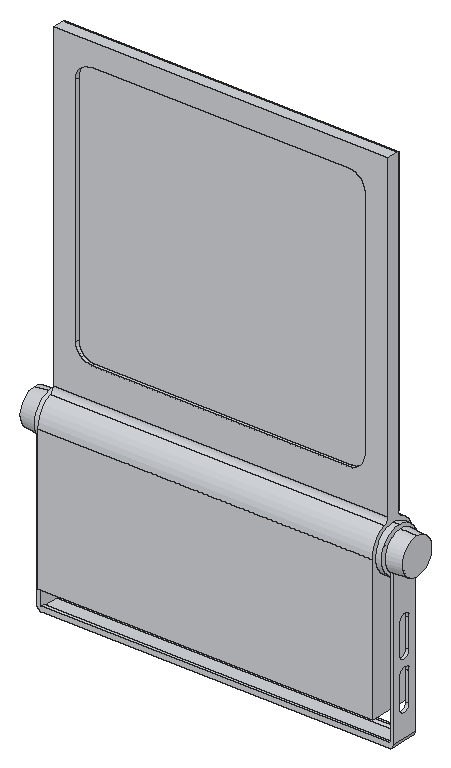
Revit family "63_PHILIPS_ClearFlood Large_BVP651", category Lighting Fixtures, host Face, Revit 2014
Parameters (values of type "1xECO_730 A28-MB LO")
  rotation ZX [instance] = 0.00°
  constraint01 [instance] = if(rotation ZX > 160.00°, 160.00°, if(rotation ZX < -170.00°, -170.00°, rotation ZX))  # 0.00°
  Wattage Comments = ""
  Voltage (V) = "230"
  URL = "http://www.lighting.philips.com/main/prof/outdoor-luminaires/sports-and-area-floodlighting/area-and-recreational-floodlighting/clearflood/912300023201_EU/product"
  Type Comments = "Surface mounted"
  Model = "BVP651 31K 1xECO_730 A28-MB LO"
  Manufacturer = "Philips"
  Light loss factor = "1"
  Lamp type = BVP651 IES Data : 31K 1xECO_730 A28-MB LO
  Lamp = "ECO_730"
  Initial luminous flux (lm) = "31000"
  Init. Corr. Color Temperature (K) = "3000"
  Description = "ClearFlood Large"
  Default Elevation = 0 mm
  Assembly Code = ""
  Apparent Load = 252 VA
Reference planes
  plane 1 "Center (Front/Back)": y = 0
  plane 2: z = 0
  plane 3 "Center (Left/Right)": x = 0
  plane 4: z = 269
Forms (mm)
  Extrusion 1, solid
    sketch origin (0, 0, 0) x (1, 0, 0) y (0, 0, 1)
      loop
        line (-278.5, 269) -> (-278.5, 7.5)
        arc (-278.5, 7.5) -> (-276.303, 2.197) -> (-271, 0) r 7.5
        line (-271, 0) -> (271, 0)
        arc (271, 0) -> (276.303, 2.197) -> (278.5, 7.5) r 7.5
        line (278.5, 7.5) -> (278.5, 269) -> (273.5, 269) -> (273.5, 8) -> (-273.5, 8) -> (-273.5, 269) -> (-278.5, 269)
    from -20 to 20
  Blend 2, solid
    base sketch origin (-278.5, 0, 0) x (0, 0, 1) y (0, -1, 0)
      loop
        circle (269, 0) r 30
    top sketch origin (-278.5, 0, 0) x (0, 0, 1) y (0, -1, 0)
      loop
        circle (269, 0) r 28
    from 5 to -20
  Blend 3, solid
    base sketch origin (278.5, 0, 0) x (0, 0, 1) y (0, -1, 0)
      loop
        circle (269, 0) r 30
    top sketch origin (278.5, 0, 0) x (0, 0, 1) y (0, -1, 0)
      loop
        circle (269, 0) r 28
    from -5 to 20
  Extrusion 4, void
    sketch origin (0, 0, 0) x (0, 1, 0) y (0, 0, 1)
      loop
        line (10, 127.819) -> (10, 172.819)
        arc (10, 172.819) -> (0, 182.819) -> (-10, 172.819) r 10
        line (-10, 172.819) -> (-10, 127.819)
        arc (-10, 127.819) -> (0, 117.819) -> (10, 127.819) r 10
      loop
        line (10, 52.819) -> (10, 97.819)
        arc (10, 97.819) -> (0, 107.819) -> (-10, 97.819) r 10
        line (-10, 97.819) -> (-10, 52.819)
        arc (-10, 52.819) -> (0, 42.819) -> (10, 52.819) r 10
    from -278.5 to 278.5
  Extrusion 5, void
    sketch origin (0, 0, 0) x (0, 1, 0) y (0, 0, 1)
      loop
        line (15, 27.627) -> (-15, 27.627) -> (-15, 8.5)
        arc (-15, 8.5) -> (-13.975, 6.025) -> (-11.5, 5) r 3.5
        line (-11.5, 5) -> (11.522, 5)
        arc (11.522, 5) -> (13.981, 6.019) -> (15, 8.478) r 3.478
        line (15, 8.478) -> (15, 27.627)
    from -273.5 to 273.5
Cuts and joins
  Extrusion 4, Extrusion 5 cuts Extrusion 1
  joined: Extrusion 1, Blend 3
Lines and regions (mm)
  reference lines
    curve 1: line (0, 0, 269) -> (0, 0, 869)
Dimensions and locks
  "constraint01": angle plane 1 "Center (Front/Back)" to curve 1
  aligned and locked: plane 2 to host face
  aligned and locked: level to host face
  aligned and locked: plane 4 to curve 1
  aligned and locked: plane 1 "Center (Front/Back)" to curve 1
Automatic sketch dimensions
  host sketch curve to host sketch curve = 727.065 mm
  host sketch curve to host sketch curve = 619.519 mm
  Extrusion 1 sketch curve to plane 4 = 0 mm  (x2)
  Extrusion 1 sketch curve to level = 0 mm
  Extrusion 1 sketch curve to plane 3 "Center (Left/Right)" = 278.5 mm
  Extrusion 1 sketch curve to Extrusion 1 sketch curve = 5 mm  (x2)
  Extrusion 1 sketch curve to Extrusion 1 sketch curve = 2.5 mm  (x2)
  plane 3 "Center (Left/Right)" to Extrusion 1 sketch curve = 271 mm
  Extrusion 1 sketch curve to Extrusion 1 sketch curve = 0.5 mm
  Blend 2 sketch curve to plane 1 "Center (Front/Back)" = 0 mm  (x2)
  Blend 2 sketch curve to plane 4 = 0 mm  (x2)
  Blend 3 sketch curve to plane 1 "Center (Front/Back)" = 0 mm  (x2)
  Blend 3 sketch curve to plane 4 = 0 mm  (x2)
  Extrusion 4 sketch curve to plane 1 "Center (Front/Back)" = 0 mm  (x2)
  plane 1 "Center (Front/Back)" to Extrusion 4 sketch curve = 10 mm  (x2)
  level to Extrusion 4 sketch curve = 52.819 mm
  Extrusion 4 sketch curve to Extrusion 4 sketch curve = 45 mm  (x2)
  Extrusion 4 sketch curve to Extrusion 4 sketch curve = 30 mm
  plane 1 "Center (Front/Back)" to Extrusion 5 sketch curve = 15 mm
  Extrusion 5 sketch curve to Extrusion 5 sketch curve = 3.5 mm
  Extrusion 5 sketch curve to plane 1 "Center (Front/Back)" = 11.522 mm
  Extrusion 5 sketch curve to plane 1 "Center (Front/Back)" = 15 mm
  level to Extrusion 5 sketch curve = 5 mm
  Extrusion 5 sketch curve to Extrusion 5 sketch curve = 19.149 mm
  radius of Blend 2 sketch curve = 30 mm
  radius of Blend 2 sketch curve = 28 mm
  radius of Blend 3 sketch curve = 30 mm
  radius of Blend 3 sketch curve = 28 mm
Nested families
  nested 1: "63_Philips_ClearFlood Large_body" at (0, 0, 430.5) x (1, 0, 0) z (0, -1, 0), type "63_Philips_ClearFlood Large_body"
  nested 2: "BVP651 IES Data" at (0.316, -10, 571.422) x (0, 0, 1) z (0, 1, 0), type <- "Lamp type", type "31K 1xECO_730 A28-MB LO"
Connectors
  electrical at (0, 0, 0), driven by "Apparent Load"
    settings: index 1, voltage 230 V, apparent load 0 VA, apparent load phase1 252 VA, apparent load phase2 0 VA, apparent load phase3 0 VA, power factor 1, load classification "Lighting", number of poles 1, system type 31, power factor state 1, is connector primary yes, connector utility no, sub classification motor no, connector description ""
Definition of nested family "63_Philips_ClearFlood Large_body"
  Parameters (values of type "63_Philips_body")
    width = 522 mm
    length = 773 mm
    Default Elevation = 1219.2 mm
  Reference planes
    plane 1 "Center (Front/Back)": y = 0
    plane 2: z = 0
    plane 3 "Center (Left/Right)": x = 0
    plane 4: y = 386.5
    plane 5: y = -386.5
    plane 6 "left": x = -261
    plane 7 "right": x = 261
  Forms (mm)
    Extrusion 1, solid
      sketch origin (0, 0, 0) x (1, 0, 0) y (0, 1, 0)
        loop
          line (-1219.2, 1219.2) -> (-1219.2, -1219.2) -> (1219.2, -1219.2) -> (1219.2, 1219.2) -> (-1219.2, 1219.2)
      from 0 to -304.8
    Extrusion 2, solid
      sketch origin (0, 0, 0) x (0, 1, 0) y (0, 0, 1)
        loop
          line (-386.5, -40) -> (-161.5, -40)
          arc (-161.5, -40) -> (-139.591, -33.466) -> (-124.839, -16) r 40
          arc (-124.839, -16) -> (-121.151, -11.633) -> (-115.674, -10) r 10
          line (-115.674, -10) -> (386.5, -10) -> (386.5, 10) -> (-115.674, 10)
          arc (-115.674, 10) -> (-121.151, 11.633) -> (-124.839, 16) r 10
          arc (-124.839, 16) -> (-139.591, 33.466) -> (-161.5, 40) r 40
          line (-161.5, 40) -> (-386.5, 40) -> (-386.5, -40)
      from -261 to 261
    Extrusion 3, solid
      sketch origin (0, 0, 0) x (0, 1, 0) y (0, 0, 1)
        loop
          line (386.5, -10) -> (-115.674, -10) -> (-115.674, -12) -> (-110.608, -12)
          arc (-110.608, -12) -> (-101.168, -31.909) -> (-80.674, -40) r 30
          line (-80.674, -40) -> (346.5, -40)
          arc (346.5, -40) -> (366.994, -31.909) -> (376.433, -12) r 30
          line (376.433, -12) -> (386.5, -12) -> (386.5, -10)
      from -261 to 261
    Extrusion 4, void
      sketch origin (0, 0, 0) x (1, 0, 0) y (0, 1, 0)
        loop
          line (1.5, 386.5) -> (1.5, -115.674) -> (24.5, -115.674) -> (24.5, 386.5) -> (1.5, 386.5)
        loop
          line (27.5, 386.5) -> (27.5, -115.674) -> (50.5, -115.674) -> (50.5, 386.5) -> (27.5, 386.5)
        loop
          line (53.5, 386.5) -> (53.5, -115.674) -> (76.5, -115.674) -> (76.5, 386.5) -> (53.5, 386.5)
        loop
          line (79.5, 386.5) -> (79.5, -115.674) -> (102.5, -115.674) -> (102.5, 386.5) -> (79.5, 386.5)
        loop
          line (105.5, 386.5) -> (105.5, -115.674) -> (128.5, -115.674) -> (128.5, 386.5) -> (105.5, 386.5)
        loop
          line (131.5, 386.5) -> (131.5, -115.674) -> (154.5, -115.674) -> (154.5, 386.5) -> (131.5, 386.5)
        loop
          line (157.5, 386.5) -> (157.5, -115.674) -> (180.5, -115.674) -> (180.5, 386.5) -> (157.5, 386.5)
        loop
          line (183.5, 386.5) -> (183.5, -115.674) -> (206.5, -115.674) -> (206.5, 386.5) -> (183.5, 386.5)
        loop
          line (209.5, 386.5) -> (209.5, -115.674) -> (232.5, -115.674) -> (232.5, 386.5) -> (209.5, 386.5)
        loop
          line (235.5, 386.5) -> (235.5, -115.674) -> (265.5, -115.674) -> (265.5, 386.5) -> (235.5, 386.5)
        loop
          line (-1.5, 386.5) -> (-24.5, 386.5) -> (-24.5, -115.674) -> (-1.5, -115.674) -> (-1.5, 386.5)
        loop
          line (-27.5, 386.5) -> (-50.5, 386.5) -> (-50.5, -115.674) -> (-27.5, -115.674) -> (-27.5, 386.5)
        loop
          line (-53.5, 386.5) -> (-76.5, 386.5) -> (-76.5, -115.674) -> (-53.5, -115.674) -> (-53.5, 386.5)
        loop
          line (-79.5, 386.5) -> (-102.5, 386.5) -> (-102.5, -115.674) -> (-79.5, -115.674) -> (-79.5, 386.5)
        loop
          line (-105.5, 386.5) -> (-128.5, 386.5) -> (-128.5, -115.674) -> (-105.5, -115.674) -> (-105.5, 386.5)
        loop
          line (-131.5, 386.5) -> (-154.5, 386.5) -> (-154.5, -115.674) -> (-131.5, -115.674) -> (-131.5, 386.5)
        loop
          line (-157.5, 386.5) -> (-180.5, 386.5) -> (-180.5, -115.674) -> (-157.5, -115.674) -> (-157.5, 386.5)
        loop
          line (-183.5, 386.5) -> (-206.5, 386.5) -> (-206.5, -115.674) -> (-183.5, -115.674) -> (-183.5, 386.5)
        loop
          line (-209.5, 386.5) -> (-232.5, 386.5) -> (-232.5, -115.674) -> (-209.5, -115.674) -> (-209.5, 386.5)
        loop
          line (-235.5, 386.5) -> (-265.5, 386.5) -> (-265.5, -115.674) -> (-235.5, -115.674) -> (-235.5, 386.5)
      from -12 to -60
    Extrusion 5, solid
      sketch origin (0, 0, 0) x (0, 1, 0) y (0, 0, 1)
        loop
          circle (-161.5, 0) r 35
      from -271 to 271
    Extrusion 6, void
      sketch origin (0, 0, 0) x (1, 0, 0) y (0, 1, 0)
        loop
          arc (-226, -40.674) -> (-218.678, -58.352) -> (-201, -65.674) r 25
          line (-201, -65.674) -> (201, -65.674)
          arc (201, -65.674) -> (218.678, -58.352) -> (226, -40.674) r 25
          line (226, -40.674) -> (226, 326.5)
          arc (226, 326.5) -> (218.678, 344.178) -> (201, 351.5) r 25
          line (201, 351.5) -> (-201, 351.5)
          arc (-201, 351.5) -> (-218.678, 344.178) -> (-226, 326.5) r 25
          line (-226, 326.5) -> (-226, -40.674)
      from 5 to 40
  Cuts and joins
    Extrusion 4 cuts Extrusion 3
    Extrusion 6 cuts Extrusion 2
    joined: Extrusion 2, Extrusion 5
  Dimensions and locks
    equal spacing: plane 6 "left", plane 3 "Center (Left/Right)", plane 7 "right"
    "width": plane 6 "left" to plane 7 "right"
    equal spacing: plane 4, plane 1 "Center (Front/Back)", plane 5
    "length": plane 5 to plane 4
    aligned and locked: plane 2 to Extrusion 1
    aligned and locked: level to Extrusion 1
    aligned and locked: plane 5 to Extrusion 2 sketch curve
    aligned and locked: plane 4 to Extrusion 2 sketch curve
    aligned and locked: Extrusion 2 to plane 7 "right"
    aligned and locked: Extrusion 2 to plane 6 "left"
    aligned and locked: Extrusion 3 to plane 6 "left"
    aligned and locked: Extrusion 3 to plane 7 "right"
  Automatic sketch dimensions
    Extrusion 1 sketch curve to Extrusion 1 sketch curve = 2438.4 mm  (x2)
    Extrusion 2 sketch curve to Extrusion 2 sketch curve = 0 mm  (x3)
    Extrusion 2 sketch curve to level = 0 mm
    plane 1 "Center (Front/Back)" to Extrusion 2 sketch curve = 161.5 mm
    Extrusion 2 sketch curve to level = 10 mm
    Extrusion 2 sketch curve to Extrusion 2 sketch curve = 45.826 mm
    level to Extrusion 2 sketch curve = 10 mm
    Extrusion 2 sketch curve to Extrusion 2 sketch curve = 10 mm  (x2)
    Extrusion 2 sketch curve to level = 40 mm
    level to Extrusion 2 sketch curve = 40 mm
    Extrusion 3 sketch curve to plane 4 = 0 mm
    Extrusion 3 sketch curve to plane 4 = 10.067 mm
    Extrusion 3 sketch curve to level = 10 mm  (x3)
    plane 1 "Center (Front/Back)" to Extrusion 3 sketch curve = 80.674 mm
    Extrusion 3 sketch curve to Extrusion 3 sketch curve = 35 mm
    Extrusion 3 sketch curve to Extrusion 3 sketch curve = 2 mm  (x2)
    Extrusion 3 sketch curve to Extrusion 3 sketch curve = 5.067 mm
    Extrusion 4 sketch curve to plane 4 = 0 mm  (x20)
    Extrusion 4 sketch curve to plane 6 "left" = 4.5 mm
    Extrusion 4 sketch curve to Extrusion 4 sketch curve = 30 mm
    Extrusion 4 sketch curve to Extrusion 4 sketch curve = 3 mm  (x18)
    Extrusion 4 sketch curve to Extrusion 4 sketch curve = 23 mm  (x17)
    Extrusion 4 sketch curve to plane 3 "Center (Left/Right)" = 1.5 mm
    plane 3 "Center (Left/Right)" to Extrusion 4 sketch curve = 1.5 mm
    Extrusion 4 sketch curve to plane 7 "right" = 4.5 mm
    plane 1 "Center (Front/Back)" to Extrusion 4 sketch curve = 115.674 mm  (x3)
    Extrusion 4 sketch curve to Extrusion 4 sketch curve = 0 mm  (x17)
    Extrusion 5 sketch curve to level = 0 mm
    plane 1 "Center (Front/Back)" to Extrusion 5 sketch curve = 161.5 mm
    plane 6 "left" to Extrusion 6 sketch curve = 35 mm
    Extrusion 6 sketch curve to Extrusion 6 sketch curve = 25 mm  (x3)
    plane 7 "right" to Extrusion 6 sketch curve = 60 mm  (x2)
    plane 1 "Center (Front/Back)" to Extrusion 6 sketch curve = 65.674 mm
    Extrusion 6 sketch curve to plane 4 = 60 mm
    radius of Extrusion 5 sketch curve = 35 mm
Definition of nested family "BVP651 IES Data"
  Parameters (values of type "65K 1xECO_757 OFA52")
    Wattage = 549 W
    built-in parameter 1150110 = 1 (stored number, unit not read)
    built-in parameter 1114217 = 1 (stored number, unit not read)
    Tilt Angle = 90.00°
    built-in parameter 1150109 = 1 (stored number, unit not read)
    built-in parameter 1150134 = (empty or 0)
    built-in parameter 1150113 = 1 (stored number, unit not read)
    Photometric Web File = "BVP651 65K 1xECO_757 OFA52.ies"
    Model = "BVP651"
    Manufacturer = "Philips"
    built-in parameter 1150105 = 5172.5 (stored number, unit not read)
    Lumens = 65000 lm
    built-in parameter 1150115 = 1 (stored number, unit not read)
    built-in parameter 1150137 = (empty or 0)
    built-in parameter 1150139 = (empty or 0)
    built-in parameter 1150112 = 1 (stored number, unit not read)
    built-in parameter 1150114 = 1 (stored number, unit not read)
    Lamp = "ECO/757/-"
    built-in parameter 1150132 = (empty or 0)
    built-in parameter 1150102 = (empty or 0)
    built-in parameter 1150107 = 5700 (stored number, unit not read)
    built-in parameter 1150138 = (empty or 0)
    built-in parameter 1150106 = 51.725 (stored number, unit not read)
    Emit from Rectangle Width = 470 mm
    Emit from Rectangle Length = 470 mm
    Emit Shape Visible in Rendering = no
    built-in parameter 1150104 = 10.999 (stored number, unit not read)
    Dimming Lamp Color Temperature Shift = (empty or 0)
    Description = ""
    Default Elevation = 0 mm
    Color Filter = 16777215
    built-in parameter 1114218 = 1 (stored number, unit not read)
    built-in parameter 1150133 = 10 (stored number, unit not read)
    Apparent Load = 549 VA
  Types (357, lengths in mm): name | Wattage | built-in parameter 1150134 | Photometric Web File | built-in parameter 1150105 | Lumens | Lamp | built-in parameter 1150107 | built-in parameter 1150106 | built-in parameter 1150104 | Apparent Load
    65K 1xECO_757 OFA52 | 549 W | (empty or 0) | "BVP651 65K 1xECO_757 OFA52.ies" | 5172.5 (stored number, unit not read) | 65000 lm | "ECO/757/-" | 5700 (stored number, unit not read) | 51.725 (stored number, unit not read) | 10.999 (stored number, unit not read) | 549 VA
    65K 1xECO_757 OFA52 LO | 549 W | (empty or 0) | "BVP651 65K 1xECO_757 OFA52 LO.ies" | 5172.5 (stored number, unit not read) | 65000 lm | "ECO/757/-" | 5700 (stored number, unit not read) | 51.725 (stored number, unit not read) | 10.999 (stored number, unit not read) | 549 VA
    65K 1xECO_757 O-S | 549 W | (empty or 0) | "BVP651 65K 1xECO_757 O-S.ies" | 5172.5 (stored number, unit not read) | 65000 lm | "ECO/757/-" | 5700 (stored number, unit not read) | 51.725 (stored number, unit not read) | 10.999 (stored number, unit not read) | 549 VA
    65K 1xECO_757 NB | 549 W | (empty or 0) | "BVP651 65K 1xECO_757 NB.ies" | 5172.5 (stored number, unit not read) | 65000 lm | "ECO/757/-" | 5700 (stored number, unit not read) | 51.725 (stored number, unit not read) | 10.999 (stored number, unit not read) | 549 VA
    65K 1xECO_757 DW | 549 W | (empty or 0) | "BVP651 65K 1xECO_757 DW.ies" | 5172.5 (stored number, unit not read) | 65000 lm | "ECO/757/-" | 5700 (stored number, unit not read) | 51.725 (stored number, unit not read) | 10.999 (stored number, unit not read) | 549 VA
    65K 1xECO_757 DW LO | 549 W | (empty or 0) | "BVP651 65K 1xECO_757 DW LO.ies" | 5172.5 (stored number, unit not read) | 65000 lm | "ECO/757/-" | 5700 (stored number, unit not read) | 51.725 (stored number, unit not read) | 10.999 (stored number, unit not read) | 549 VA
    65K 1xECO_757 DSN | 549 W | (empty or 0) | "BVP651 65K 1xECO_757 DSN.ies" | 5172.5 (stored number, unit not read) | 65000 lm | "ECO/757/-" | 5700 (stored number, unit not read) | 51.725 (stored number, unit not read) | 10.999 (stored number, unit not read) | 549 VA
    65K 1xECO_757 DM | 549 W | (empty or 0) | "BVP651 65K 1xECO_757 DM.ies" | 5172.5 (stored number, unit not read) | 65000 lm | "ECO/757/-" | 5700 (stored number, unit not read) | 51.725 (stored number, unit not read) | 10.999 (stored number, unit not read) | 549 VA
    65K 1xECO_757 DM LO | 549 W | (empty or 0) | "BVP651 65K 1xECO_757 DM LO.ies" | 5172.5 (stored number, unit not read) | 65000 lm | "ECO/757/-" | 5700 (stored number, unit not read) | 51.725 (stored number, unit not read) | 10.999 (stored number, unit not read) | 549 VA
    65K 1xECO_757 DK | 549 W | (empty or 0) | "BVP651 65K 1xECO_757 DK.ies" | 5172.5 (stored number, unit not read) | 65000 lm | "ECO/757/-" | 5700 (stored number, unit not read) | 51.725 (stored number, unit not read) | 10.999 (stored number, unit not read) | 549 VA
    65K 1xECO_757 DK LO | 549 W | (empty or 0) | "BVP651 65K 1xECO_757 DK LO.ies" | 5172.5 (stored number, unit not read) | 65000 lm | "ECO/757/-" | 5700 (stored number, unit not read) | 51.725 (stored number, unit not read) | 10.999 (stored number, unit not read) | 549 VA
    65K 1xECO_757 DC | 549 W | (empty or 0) | "BVP651 65K 1xECO_757 DC.ies" | 5172.5 (stored number, unit not read) | 65000 lm | "ECO/757/-" | 5700 (stored number, unit not read) | 51.725 (stored number, unit not read) | 10.999 (stored number, unit not read) | 549 VA
    65K 1xECO_757 DC LO | 549 W | (empty or 0) | "BVP651 65K 1xECO_757 DC LO.ies" | 5172.5 (stored number, unit not read) | 65000 lm | "ECO/757/-" | 5700 (stored number, unit not read) | 51.725 (stored number, unit not read) | 10.999 (stored number, unit not read) | 549 VA
    65K 1xECO_757 A60 | 549 W | (empty or 0) | "BVP651 65K 1xECO_757 A60.ies" | 5172.5 (stored number, unit not read) | 65000 lm | "ECO/757/-" | 5700 (stored number, unit not read) | 51.725 (stored number, unit not read) | 10.999 (stored number, unit not read) | 549 VA
    65K 1xECO_757 A60 LO | 549 W | (empty or 0) | "BVP651 65K 1xECO_757 A60 LO.ies" | 5172.5 (stored number, unit not read) | 65000 lm | "ECO/757/-" | 5700 (stored number, unit not read) | 51.725 (stored number, unit not read) | 10.999 (stored number, unit not read) | 549 VA
    65K 1xECO_757 A28-MB | 549 W | (empty or 0) | "BVP651 65K 1xECO_757 A28-MB.ies" | 5172.5 (stored number, unit not read) | 65000 lm | "ECO/757/-" | 5700 (stored number, unit not read) | 51.725 (stored number, unit not read) | 10.999 (stored number, unit not read) | 549 VA
    65K 1xECO_757 A28-MB LO | 549 W | (empty or 0) | "BVP651 65K 1xECO_757 A28-MB LO.ies" | 5172.5 (stored number, unit not read) | 65000 lm | "ECO/757/-" | 5700 (stored number, unit not read) | 51.725 (stored number, unit not read) | 10.999 (stored number, unit not read) | 549 VA
    65K 1xECO_740 OFA52 | 549 W | 12 | "BVP651 65K 1xECO_740 OFA52.ies" | 5172.5 (stored number, unit not read) | 65000 lm | "ECO/740/-" | 4000 (stored number, unit not read) | 51.725 (stored number, unit not read) | 10.999 (stored number, unit not read) | 549 VA
    65K 1xECO_740 OFA52 LO | 549 W | 12 | "BVP651 65K 1xECO_740 OFA52 LO.ies" | 5172.5 (stored number, unit not read) | 65000 lm | "ECO/740/-" | 4000 (stored number, unit not read) | 51.725 (stored number, unit not read) | 10.999 (stored number, unit not read) | 549 VA
    65K 1xECO_740 O-S | 549 W | 12 | "BVP651 65K 1xECO_740 O-S.ies" | 5172.5 (stored number, unit not read) | 65000 lm | "ECO/740/-" | 4000 (stored number, unit not read) | 51.725 (stored number, unit not read) | 10.999 (stored number, unit not read) | 549 VA
    65K 1xECO_740 NB | 549 W | 12 | "BVP651 65K 1xECO_740 NB.ies" | 5172.5 (stored number, unit not read) | 65000 lm | "ECO/740/-" | 4000 (stored number, unit not read) | 51.725 (stored number, unit not read) | 10.999 (stored number, unit not read) | 549 VA
    65K 1xECO_740 DW | 549 W | 12 | "BVP651 65K 1xECO_740 DW.ies" | 5172.5 (stored number, unit not read) | 65000 lm | "ECO/740/-" | 4000 (stored number, unit not read) | 51.725 (stored number, unit not read) | 10.999 (stored number, unit not read) | 549 VA
    65K 1xECO_740 DW LO | 549 W | 12 | "BVP651 65K 1xECO_740 DW LO.ies" | 5172.5 (stored number, unit not read) | 65000 lm | "ECO/740/-" | 4000 (stored number, unit not read) | 51.725 (stored number, unit not read) | 10.999 (stored number, unit not read) | 549 VA
    65K 1xECO_740 DSN | 549 W | 12 | "BVP651 65K 1xECO_740 DSN.ies" | 5172.5 (stored number, unit not read) | 65000 lm | "ECO/740/-" | 4000 (stored number, unit not read) | 51.725 (stored number, unit not read) | 10.999 (stored number, unit not read) | 549 VA
    65K 1xECO_740 DM | 549 W | 12 | "BVP651 65K 1xECO_740 DM.ies" | 5172.5 (stored number, unit not read) | 65000 lm | "ECO/740/-" | 4000 (stored number, unit not read) | 51.725 (stored number, unit not read) | 10.999 (stored number, unit not read) | 549 VA
    65K 1xECO_740 DM LO | 549 W | 12 | "BVP651 65K 1xECO_740 DM LO.ies" | 5172.5 (stored number, unit not read) | 65000 lm | "ECO/740/-" | 4000 (stored number, unit not read) | 51.725 (stored number, unit not read) | 10.999 (stored number, unit not read) | 549 VA
    65K 1xECO_740 DK | 549 W | 12 | "BVP651 65K 1xECO_740 DK.ies" | 5172.5 (stored number, unit not read) | 65000 lm | "ECO/740/-" | 4000 (stored number, unit not read) | 51.725 (stored number, unit not read) | 10.999 (stored number, unit not read) | 549 VA
    65K 1xECO_740 DK LO | 549 W | 12 | "BVP651 65K 1xECO_740 DK LO.ies" | 5172.5 (stored number, unit not read) | 65000 lm | "ECO/740/-" | 4000 (stored number, unit not read) | 51.725 (stored number, unit not read) | 10.999 (stored number, unit not read) | 549 VA
    65K 1xECO_740 DC | 549 W | 12 | "BVP651 65K 1xECO_740 DC.ies" | 5172.5 (stored number, unit not read) | 65000 lm | "ECO/740/-" | 4000 (stored number, unit not read) | 51.725 (stored number, unit not read) | 10.999 (stored number, unit not read) | 549 VA
    65K 1xECO_740 DC LO | 549 W | 12 | "BVP651 65K 1xECO_740 DC LO.ies" | 5172.5 (stored number, unit not read) | 65000 lm | "ECO/740/-" | 4000 (stored number, unit not read) | 51.725 (stored number, unit not read) | 10.999 (stored number, unit not read) | 549 VA
    65K 1xECO_740 A60 | 549 W | 12 | "BVP651 65K 1xECO_740 A60.ies" | 5172.5 (stored number, unit not read) | 65000 lm | "ECO/740/-" | 4000 (stored number, unit not read) | 51.725 (stored number, unit not read) | 10.999 (stored number, unit not read) | 549 VA
    65K 1xECO_740 A60 LO | 549 W | 12 | "BVP651 65K 1xECO_740 A60 LO.ies" | 5172.5 (stored number, unit not read) | 65000 lm | "ECO/740/-" | 4000 (stored number, unit not read) | 51.725 (stored number, unit not read) | 10.999 (stored number, unit not read) | 549 VA
    65K 1xECO_740 A28-MB | 549 W | 12 | "BVP651 65K 1xECO_740 A28-MB.ies" | 5172.5 (stored number, unit not read) | 65000 lm | "ECO/740/-" | 4000 (stored number, unit not read) | 51.725 (stored number, unit not read) | 10.999 (stored number, unit not read) | 549 VA
    65K 1xECO_740 A28-MB LO | 549 W | 12 | "BVP651 65K 1xECO_740 A28-MB LO.ies" | 5172.5 (stored number, unit not read) | 65000 lm | "ECO/740/-" | 4000 (stored number, unit not read) | 51.725 (stored number, unit not read) | 10.999 (stored number, unit not read) | 549 VA
    60K 1xECO_757 OFA52 | 488 W | (empty or 0) | "BVP651 60K 1xECO_757 OFA52.ies" | 4774.6 (stored number, unit not read) | 60000 lm | "ECO/757/-" | 5700 (stored number, unit not read) | 47.746 (stored number, unit not read) | 11.423 (stored number, unit not read) | 488 VA
    60K 1xECO_757 OFA52 LO | 488 W | (empty or 0) | "BVP651 60K 1xECO_757 OFA52 LO.ies" | 4774.6 (stored number, unit not read) | 60000 lm | "ECO/757/-" | 5700 (stored number, unit not read) | 47.746 (stored number, unit not read) | 11.423 (stored number, unit not read) | 488 VA
    60K 1xECO_757 O-S | 488 W | (empty or 0) | "BVP651 60K 1xECO_757 O-S.ies" | 4774.6 (stored number, unit not read) | 60000 lm | "ECO/757/-" | 5700 (stored number, unit not read) | 47.746 (stored number, unit not read) | 11.423 (stored number, unit not read) | 488 VA
    60K 1xECO_757 NB | 488 W | (empty or 0) | "BVP651 60K 1xECO_757 NB.ies" | 4774.6 (stored number, unit not read) | 60000 lm | "ECO/757/-" | 5700 (stored number, unit not read) | 47.746 (stored number, unit not read) | 11.423 (stored number, unit not read) | 488 VA
    60K 1xECO_757 DW | 488 W | (empty or 0) | "BVP651 60K 1xECO_757 DW.ies" | 4774.6 (stored number, unit not read) | 60000 lm | "ECO/757/-" | 5700 (stored number, unit not read) | 47.746 (stored number, unit not read) | 11.423 (stored number, unit not read) | 488 VA
    60K 1xECO_757 DW LO | 488 W | (empty or 0) | "BVP651 60K 1xECO_757 DW LO.ies" | 4774.6 (stored number, unit not read) | 60000 lm | "ECO/757/-" | 5700 (stored number, unit not read) | 47.746 (stored number, unit not read) | 11.423 (stored number, unit not read) | 488 VA
    60K 1xECO_757 DSN | 488 W | (empty or 0) | "BVP651 60K 1xECO_757 DSN.ies" | 4774.6 (stored number, unit not read) | 60000 lm | "ECO/757/-" | 5700 (stored number, unit not read) | 47.746 (stored number, unit not read) | 11.423 (stored number, unit not read) | 488 VA
    60K 1xECO_757 DM | 488 W | (empty or 0) | "BVP651 60K 1xECO_757 DM.ies" | 4774.6 (stored number, unit not read) | 60000 lm | "ECO/757/-" | 5700 (stored number, unit not read) | 47.746 (stored number, unit not read) | 11.423 (stored number, unit not read) | 488 VA
    60K 1xECO_757 DM LO | 488 W | (empty or 0) | "BVP651 60K 1xECO_757 DM LO.ies" | 4774.6 (stored number, unit not read) | 60000 lm | "ECO/757/-" | 5700 (stored number, unit not read) | 47.746 (stored number, unit not read) | 11.423 (stored number, unit not read) | 488 VA
    60K 1xECO_757 DK | 488 W | (empty or 0) | "BVP651 60K 1xECO_757 DK.ies" | 4774.6 (stored number, unit not read) | 60000 lm | "ECO/757/-" | 5700 (stored number, unit not read) | 47.746 (stored number, unit not read) | 11.423 (stored number, unit not read) | 488 VA
    60K 1xECO_757 DK LO | 488 W | (empty or 0) | "BVP651 60K 1xECO_757 DK LO.ies" | 4774.6 (stored number, unit not read) | 60000 lm | "ECO/757/-" | 5700 (stored number, unit not read) | 47.746 (stored number, unit not read) | 11.423 (stored number, unit not read) | 488 VA
    60K 1xECO_757 DC | 488 W | (empty or 0) | "BVP651 60K 1xECO_757 DC.ies" | 4774.6 (stored number, unit not read) | 60000 lm | "ECO/757/-" | 5700 (stored number, unit not read) | 47.746 (stored number, unit not read) | 11.423 (stored number, unit not read) | 488 VA
    60K 1xECO_757 DC LO | 488 W | (empty or 0) | "BVP651 60K 1xECO_757 DC LO.ies" | 4774.6 (stored number, unit not read) | 60000 lm | "ECO/757/-" | 5700 (stored number, unit not read) | 47.746 (stored number, unit not read) | 11.423 (stored number, unit not read) | 488 VA
    60K 1xECO_757 A60 | 488 W | (empty or 0) | "BVP651 60K 1xECO_757 A60.ies" | 4774.6 (stored number, unit not read) | 60000 lm | "ECO/757/-" | 5700 (stored number, unit not read) | 47.746 (stored number, unit not read) | 11.423 (stored number, unit not read) | 488 VA
    60K 1xECO_757 A60 LO | 488 W | (empty or 0) | "BVP651 60K 1xECO_757 A60 LO.ies" | 4774.6 (stored number, unit not read) | 60000 lm | "ECO/757/-" | 5700 (stored number, unit not read) | 47.746 (stored number, unit not read) | 11.423 (stored number, unit not read) | 488 VA
    60K 1xECO_757 A28-MB | 488 W | (empty or 0) | "BVP651 60K 1xECO_757 A28-MB.ies" | 4774.6 (stored number, unit not read) | 60000 lm | "ECO/757/-" | 5700 (stored number, unit not read) | 47.746 (stored number, unit not read) | 11.423 (stored number, unit not read) | 488 VA
    60K 1xECO_757 A28-MB LO | 488 W | (empty or 0) | "BVP651 60K 1xECO_757 A28-MB LO.ies" | 4774.6 (stored number, unit not read) | 60000 lm | "ECO/757/-" | 5700 (stored number, unit not read) | 47.746 (stored number, unit not read) | 11.423 (stored number, unit not read) | 488 VA
    60K 1xECO_740 OFA52 | 488 W | 12 | "BVP651 60K 1xECO_740 OFA52.ies" | 4774.6 (stored number, unit not read) | 60000 lm | "ECO/740/-" | 4000 (stored number, unit not read) | 47.746 (stored number, unit not read) | 11.423 (stored number, unit not read) | 488 VA
    60K 1xECO_740 OFA52 LO | 488 W | 12 | "BVP651 60K 1xECO_740 OFA52 LO.ies" | 4774.6 (stored number, unit not read) | 60000 lm | "ECO/740/-" | 4000 (stored number, unit not read) | 47.746 (stored number, unit not read) | 11.423 (stored number, unit not read) | 488 VA
    60K 1xECO_740 O-S | 488 W | 12 | "BVP651 60K 1xECO_740 O-S.ies" | 4774.6 (stored number, unit not read) | 60000 lm | "ECO/740/-" | 4000 (stored number, unit not read) | 47.746 (stored number, unit not read) | 11.423 (stored number, unit not read) | 488 VA
    60K 1xECO_740 NB | 488 W | 12 | "BVP651 60K 1xECO_740 NB.ies" | 4774.6 (stored number, unit not read) | 60000 lm | "ECO/740/-" | 4000 (stored number, unit not read) | 47.746 (stored number, unit not read) | 11.423 (stored number, unit not read) | 488 VA
    60K 1xECO_740 DW | 488 W | 12 | "BVP651 60K 1xECO_740 DW.ies" | 4774.6 (stored number, unit not read) | 60000 lm | "ECO/740/-" | 4000 (stored number, unit not read) | 47.746 (stored number, unit not read) | 11.423 (stored number, unit not read) | 488 VA
    60K 1xECO_740 DW LO | 488 W | 12 | "BVP651 60K 1xECO_740 DW LO.ies" | 4774.6 (stored number, unit not read) | 60000 lm | "ECO/740/-" | 4000 (stored number, unit not read) | 47.746 (stored number, unit not read) | 11.423 (stored number, unit not read) | 488 VA
    60K 1xECO_740 DSN | 488 W | 12 | "BVP651 60K 1xECO_740 DSN.ies" | 4774.6 (stored number, unit not read) | 60000 lm | "ECO/740/-" | 4000 (stored number, unit not read) | 47.746 (stored number, unit not read) | 11.423 (stored number, unit not read) | 488 VA
    60K 1xECO_740 DM | 488 W | 12 | "BVP651 60K 1xECO_740 DM.ies" | 4774.6 (stored number, unit not read) | 60000 lm | "ECO/740/-" | 4000 (stored number, unit not read) | 47.746 (stored number, unit not read) | 11.423 (stored number, unit not read) | 488 VA
    60K 1xECO_740 DM LO | 488 W | 12 | "BVP651 60K 1xECO_740 DM LO.ies" | 4774.6 (stored number, unit not read) | 60000 lm | "ECO/740/-" | 4000 (stored number, unit not read) | 47.746 (stored number, unit not read) | 11.423 (stored number, unit not read) | 488 VA
    60K 1xECO_740 DK | 488 W | 12 | "BVP651 60K 1xECO_740 DK.ies" | 4774.6 (stored number, unit not read) | 60000 lm | "ECO/740/-" | 4000 (stored number, unit not read) | 47.746 (stored number, unit not read) | 11.423 (stored number, unit not read) | 488 VA
    60K 1xECO_740 DK LO | 488 W | 12 | "BVP651 60K 1xECO_740 DK LO.ies" | 4774.6 (stored number, unit not read) | 60000 lm | "ECO/740/-" | 4000 (stored number, unit not read) | 47.746 (stored number, unit not read) | 11.423 (stored number, unit not read) | 488 VA
    60K 1xECO_740 DC | 488 W | 12 | "BVP651 60K 1xECO_740 DC.ies" | 4774.6 (stored number, unit not read) | 60000 lm | "ECO/740/-" | 4000 (stored number, unit not read) | 47.746 (stored number, unit not read) | 11.423 (stored number, unit not read) | 488 VA
    60K 1xECO_740 DC LO | 488 W | 12 | "BVP651 60K 1xECO_740 DC LO.ies" | 4774.6 (stored number, unit not read) | 60000 lm | "ECO/740/-" | 4000 (stored number, unit not read) | 47.746 (stored number, unit not read) | 11.423 (stored number, unit not read) | 488 VA
    60K 1xECO_740 A60 | 488 W | 12 | "BVP651 60K 1xECO_740 A60.ies" | 4774.6 (stored number, unit not read) | 60000 lm | "ECO/740/-" | 4000 (stored number, unit not read) | 47.746 (stored number, unit not read) | 11.423 (stored number, unit not read) | 488 VA
    60K 1xECO_740 A60 LO | 488 W | 12 | "BVP651 60K 1xECO_740 A60 LO.ies" | 4774.6 (stored number, unit not read) | 60000 lm | "ECO/740/-" | 4000 (stored number, unit not read) | 47.746 (stored number, unit not read) | 11.423 (stored number, unit not read) | 488 VA
    60K 1xECO_740 A28-MB | 488 W | 12 | "BVP651 60K 1xECO_740 A28-MB.ies" | 4774.6 (stored number, unit not read) | 60000 lm | "ECO/740/-" | 4000 (stored number, unit not read) | 47.746 (stored number, unit not read) | 11.423 (stored number, unit not read) | 488 VA
    60K 1xECO_740 A28-MB LO | 488 W | 12 | "BVP651 60K 1xECO_740 A28-MB LO.ies" | 4774.6 (stored number, unit not read) | 60000 lm | "ECO/740/-" | 4000 (stored number, unit not read) | 47.746 (stored number, unit not read) | 11.423 (stored number, unit not read) | 488 VA
    57K 1xECO_730 OFA52 | 549 W | (empty or 0) | "BVP651 57K 1xECO_730 OFA52.ies" | 4535.9 (stored number, unit not read) | 57000 lm | "ECO/730/-" | 3000 (stored number, unit not read) | 45.359 (stored number, unit not read) | 9.6457 (stored number, unit not read) | 549 VA
    57K 1xECO_730 OFA52 LO | 549 W | (empty or 0) | "BVP651 57K 1xECO_730 OFA52 LO.ies" | 4535.9 (stored number, unit not read) | 57000 lm | "ECO/730/-" | 3000 (stored number, unit not read) | 45.359 (stored number, unit not read) | 9.6457 (stored number, unit not read) | 549 VA
    57K 1xECO_730 O-S | 549 W | (empty or 0) | "BVP651 57K 1xECO_730 O-S.ies" | 4535.9 (stored number, unit not read) | 57000 lm | "ECO/730/-" | 3000 (stored number, unit not read) | 45.359 (stored number, unit not read) | 9.6457 (stored number, unit not read) | 549 VA
    57K 1xECO_730 NB | 549 W | (empty or 0) | "BVP651 57K 1xECO_730 NB.ies" | 4535.9 (stored number, unit not read) | 57000 lm | "ECO/730/-" | 3000 (stored number, unit not read) | 45.359 (stored number, unit not read) | 9.6457 (stored number, unit not read) | 549 VA
    57K 1xECO_730 DW | 549 W | (empty or 0) | "BVP651 57K 1xECO_730 DW.ies" | 4535.9 (stored number, unit not read) | 57000 lm | "ECO/730/-" | 3000 (stored number, unit not read) | 45.359 (stored number, unit not read) | 9.6457 (stored number, unit not read) | 549 VA
    57K 1xECO_730 DW LO | 549 W | (empty or 0) | "BVP651 57K 1xECO_730 DW LO.ies" | 4535.9 (stored number, unit not read) | 57000 lm | "ECO/730/-" | 3000 (stored number, unit not read) | 45.359 (stored number, unit not read) | 9.6457 (stored number, unit not read) | 549 VA
    57K 1xECO_730 DSN | 549 W | (empty or 0) | "BVP651 57K 1xECO_730 DSN.ies" | 4535.9 (stored number, unit not read) | 57000 lm | "ECO/730/-" | 3000 (stored number, unit not read) | 45.359 (stored number, unit not read) | 9.6457 (stored number, unit not read) | 549 VA
    57K 1xECO_730 DM | 549 W | (empty or 0) | "BVP651 57K 1xECO_730 DM.ies" | 4535.9 (stored number, unit not read) | 57000 lm | "ECO/730/-" | 3000 (stored number, unit not read) | 45.359 (stored number, unit not read) | 9.6457 (stored number, unit not read) | 549 VA
    57K 1xECO_730 DM LO | 549 W | (empty or 0) | "BVP651 57K 1xECO_730 DM LO.ies" | 4535.9 (stored number, unit not read) | 57000 lm | "ECO/730/-" | 3000 (stored number, unit not read) | 45.359 (stored number, unit not read) | 9.6457 (stored number, unit not read) | 549 VA
    57K 1xECO_730 DK | 549 W | (empty or 0) | "BVP651 57K 1xECO_730 DK.ies" | 4535.9 (stored number, unit not read) | 57000 lm | "ECO/730/-" | 3000 (stored number, unit not read) | 45.359 (stored number, unit not read) | 9.6457 (stored number, unit not read) | 549 VA
    57K 1xECO_730 DK LO | 549 W | (empty or 0) | "BVP651 57K 1xECO_730 DK LO.ies" | 4535.9 (stored number, unit not read) | 57000 lm | "ECO/730/-" | 3000 (stored number, unit not read) | 45.359 (stored number, unit not read) | 9.6457 (stored number, unit not read) | 549 VA
    57K 1xECO_730 DC | 549 W | (empty or 0) | "BVP651 57K 1xECO_730 DC.ies" | 4535.9 (stored number, unit not read) | 57000 lm | "ECO/730/-" | 3000 (stored number, unit not read) | 45.359 (stored number, unit not read) | 9.6457 (stored number, unit not read) | 549 VA
    57K 1xECO_730 DC LO | 549 W | (empty or 0) | "BVP651 57K 1xECO_730 DC LO.ies" | 4535.9 (stored number, unit not read) | 57000 lm | "ECO/730/-" | 3000 (stored number, unit not read) | 45.359 (stored number, unit not read) | 9.6457 (stored number, unit not read) | 549 VA
    57K 1xECO_730 A60 | 549 W | (empty or 0) | "BVP651 57K 1xECO_730 A60.ies" | 4535.9 (stored number, unit not read) | 57000 lm | "ECO/730/-" | 3000 (stored number, unit not read) | 45.359 (stored number, unit not read) | 9.6457 (stored number, unit not read) | 549 VA
    57K 1xECO_730 A60 LO | 549 W | (empty or 0) | "BVP651 57K 1xECO_730 A60 LO.ies" | 4535.9 (stored number, unit not read) | 57000 lm | "ECO/730/-" | 3000 (stored number, unit not read) | 45.359 (stored number, unit not read) | 9.6457 (stored number, unit not read) | 549 VA
    57K 1xECO_730 A28-MB | 549 W | (empty or 0) | "BVP651 57K 1xECO_730 A28-MB.ies" | 4535.9 (stored number, unit not read) | 57000 lm | "ECO/730/-" | 3000 (stored number, unit not read) | 45.359 (stored number, unit not read) | 9.6457 (stored number, unit not read) | 549 VA
    57K 1xECO_730 A28-MB LO | 549 W | (empty or 0) | "BVP651 57K 1xECO_730 A28-MB LO.ies" | 4535.9 (stored number, unit not read) | 57000 lm | "ECO/730/-" | 3000 (stored number, unit not read) | 45.359 (stored number, unit not read) | 9.6457 (stored number, unit not read) | 549 VA
    55K 1xECO_757 OFA52 | 433 W | (empty or 0) | "BVP651 55K 1xECO_757 OFA52.ies" | 4376.8 (stored number, unit not read) | 55000 lm | "ECO/757/-" | 5700 (stored number, unit not read) | 43.768 (stored number, unit not read) | 11.801 (stored number, unit not read) | 433 VA
    55K 1xECO_757 OFA52 LO | 433 W | (empty or 0) | "BVP651 55K 1xECO_757 OFA52 LO.ies" | 4376.8 (stored number, unit not read) | 55000 lm | "ECO/757/-" | 5700 (stored number, unit not read) | 43.768 (stored number, unit not read) | 11.801 (stored number, unit not read) | 433 VA
    55K 1xECO_757 O-S | 433 W | (empty or 0) | "BVP651 55K 1xECO_757 O-S.ies" | 4376.8 (stored number, unit not read) | 55000 lm | "ECO/757/-" | 5700 (stored number, unit not read) | 43.768 (stored number, unit not read) | 11.801 (stored number, unit not read) | 433 VA
    55K 1xECO_757 NB | 433 W | (empty or 0) | "BVP651 55K 1xECO_757 NB.ies" | 4376.8 (stored number, unit not read) | 55000 lm | "ECO/757/-" | 5700 (stored number, unit not read) | 43.768 (stored number, unit not read) | 11.801 (stored number, unit not read) | 433 VA
    55K 1xECO_757 DW | 433 W | (empty or 0) | "BVP651 55K 1xECO_757 DW.ies" | 4376.8 (stored number, unit not read) | 55000 lm | "ECO/757/-" | 5700 (stored number, unit not read) | 43.768 (stored number, unit not read) | 11.801 (stored number, unit not read) | 433 VA
    55K 1xECO_757 DW LO | 433 W | (empty or 0) | "BVP651 55K 1xECO_757 DW LO.ies" | 4376.8 (stored number, unit not read) | 55000 lm | "ECO/757/-" | 5700 (stored number, unit not read) | 43.768 (stored number, unit not read) | 11.801 (stored number, unit not read) | 433 VA
    55K 1xECO_757 DSN | 433 W | (empty or 0) | "BVP651 55K 1xECO_757 DSN.ies" | 4376.8 (stored number, unit not read) | 55000 lm | "ECO/757/-" | 5700 (stored number, unit not read) | 43.768 (stored number, unit not read) | 11.801 (stored number, unit not read) | 433 VA
    55K 1xECO_757 DM | 433 W | (empty or 0) | "BVP651 55K 1xECO_757 DM.ies" | 4376.8 (stored number, unit not read) | 55000 lm | "ECO/757/-" | 5700 (stored number, unit not read) | 43.768 (stored number, unit not read) | 11.801 (stored number, unit not read) | 433 VA
    55K 1xECO_757 DM LO | 433 W | (empty or 0) | "BVP651 55K 1xECO_757 DM LO.ies" | 4376.8 (stored number, unit not read) | 55000 lm | "ECO/757/-" | 5700 (stored number, unit not read) | 43.768 (stored number, unit not read) | 11.801 (stored number, unit not read) | 433 VA
    55K 1xECO_757 DK | 433 W | (empty or 0) | "BVP651 55K 1xECO_757 DK.ies" | 4376.8 (stored number, unit not read) | 55000 lm | "ECO/757/-" | 5700 (stored number, unit not read) | 43.768 (stored number, unit not read) | 11.801 (stored number, unit not read) | 433 VA
    55K 1xECO_757 DK LO | 433 W | (empty or 0) | "BVP651 55K 1xECO_757 DK LO.ies" | 4376.8 (stored number, unit not read) | 55000 lm | "ECO/757/-" | 5700 (stored number, unit not read) | 43.768 (stored number, unit not read) | 11.801 (stored number, unit not read) | 433 VA
    55K 1xECO_757 DC | 433 W | (empty or 0) | "BVP651 55K 1xECO_757 DC.ies" | 4376.8 (stored number, unit not read) | 55000 lm | "ECO/757/-" | 5700 (stored number, unit not read) | 43.768 (stored number, unit not read) | 11.801 (stored number, unit not read) | 433 VA
    55K 1xECO_757 DC LO | 433 W | (empty or 0) | "BVP651 55K 1xECO_757 DC LO.ies" | 4376.8 (stored number, unit not read) | 55000 lm | "ECO/757/-" | 5700 (stored number, unit not read) | 43.768 (stored number, unit not read) | 11.801 (stored number, unit not read) | 433 VA
    55K 1xECO_757 A60 | 433 W | (empty or 0) | "BVP651 55K 1xECO_757 A60.ies" | 4376.8 (stored number, unit not read) | 55000 lm | "ECO/757/-" | 5700 (stored number, unit not read) | 43.768 (stored number, unit not read) | 11.801 (stored number, unit not read) | 433 VA
    55K 1xECO_757 A60 LO | 433 W | (empty or 0) | "BVP651 55K 1xECO_757 A60 LO.ies" | 4376.8 (stored number, unit not read) | 55000 lm | "ECO/757/-" | 5700 (stored number, unit not read) | 43.768 (stored number, unit not read) | 11.801 (stored number, unit not read) | 433 VA
    55K 1xECO_757 A28-MB | 433 W | (empty or 0) | "BVP651 55K 1xECO_757 A28-MB.ies" | 4376.8 (stored number, unit not read) | 55000 lm | "ECO/757/-" | 5700 (stored number, unit not read) | 43.768 (stored number, unit not read) | 11.801 (stored number, unit not read) | 433 VA
    55K 1xECO_757 A28-MB LO | 433 W | (empty or 0) | "BVP651 55K 1xECO_757 A28-MB LO.ies" | 4376.8 (stored number, unit not read) | 55000 lm | "ECO/757/-" | 5700 (stored number, unit not read) | 43.768 (stored number, unit not read) | 11.801 (stored number, unit not read) | 433 VA
    55K 1xECO_740 OFA52 | 433 W | 12 | "BVP651 55K 1xECO_740 OFA52.ies" | 4376.8 (stored number, unit not read) | 55000 lm | "ECO/740/-" | 4000 (stored number, unit not read) | 43.768 (stored number, unit not read) | 11.801 (stored number, unit not read) | 433 VA
    55K 1xECO_740 OFA52 LO | 433 W | 12 | "BVP651 55K 1xECO_740 OFA52 LO.ies" | 4376.8 (stored number, unit not read) | 55000 lm | "ECO/740/-" | 4000 (stored number, unit not read) | 43.768 (stored number, unit not read) | 11.801 (stored number, unit not read) | 433 VA
    55K 1xECO_740 O-S | 433 W | 12 | "BVP651 55K 1xECO_740 O-S.ies" | 4376.8 (stored number, unit not read) | 55000 lm | "ECO/740/-" | 4000 (stored number, unit not read) | 43.768 (stored number, unit not read) | 11.801 (stored number, unit not read) | 433 VA
    55K 1xECO_740 NB | 433 W | 12 | "BVP651 55K 1xECO_740 NB.ies" | 4376.8 (stored number, unit not read) | 55000 lm | "ECO/740/-" | 4000 (stored number, unit not read) | 43.768 (stored number, unit not read) | 11.801 (stored number, unit not read) | 433 VA
    55K 1xECO_740 DW | 433 W | 12 | "BVP651 55K 1xECO_740 DW.ies" | 4376.8 (stored number, unit not read) | 55000 lm | "ECO/740/-" | 4000 (stored number, unit not read) | 43.768 (stored number, unit not read) | 11.801 (stored number, unit not read) | 433 VA
    55K 1xECO_740 DW LO | 433 W | 12 | "BVP651 55K 1xECO_740 DW LO.ies" | 4376.8 (stored number, unit not read) | 55000 lm | "ECO/740/-" | 4000 (stored number, unit not read) | 43.768 (stored number, unit not read) | 11.801 (stored number, unit not read) | 433 VA
    55K 1xECO_740 DSN | 433 W | 12 | "BVP651 55K 1xECO_740 DSN.ies" | 4376.8 (stored number, unit not read) | 55000 lm | "ECO/740/-" | 4000 (stored number, unit not read) | 43.768 (stored number, unit not read) | 11.801 (stored number, unit not read) | 433 VA
    55K 1xECO_740 DM | 433 W | 12 | "BVP651 55K 1xECO_740 DM.ies" | 4376.8 (stored number, unit not read) | 55000 lm | "ECO/740/-" | 4000 (stored number, unit not read) | 43.768 (stored number, unit not read) | 11.801 (stored number, unit not read) | 433 VA
    55K 1xECO_740 DM LO | 433 W | 12 | "BVP651 55K 1xECO_740 DM LO.ies" | 4376.8 (stored number, unit not read) | 55000 lm | "ECO/740/-" | 4000 (stored number, unit not read) | 43.768 (stored number, unit not read) | 11.801 (stored number, unit not read) | 433 VA
    55K 1xECO_740 DK | 433 W | 12 | "BVP651 55K 1xECO_740 DK.ies" | 4376.8 (stored number, unit not read) | 55000 lm | "ECO/740/-" | 4000 (stored number, unit not read) | 43.768 (stored number, unit not read) | 11.801 (stored number, unit not read) | 433 VA
    55K 1xECO_740 DK LO | 433 W | 12 | "BVP651 55K 1xECO_740 DK LO.ies" | 4376.8 (stored number, unit not read) | 55000 lm | "ECO/740/-" | 4000 (stored number, unit not read) | 43.768 (stored number, unit not read) | 11.801 (stored number, unit not read) | 433 VA
    55K 1xECO_740 DC | 433 W | 12 | "BVP651 55K 1xECO_740 DC.ies" | 4376.8 (stored number, unit not read) | 55000 lm | "ECO/740/-" | 4000 (stored number, unit not read) | 43.768 (stored number, unit not read) | 11.801 (stored number, unit not read) | 433 VA
    55K 1xECO_740 DC LO | 433 W | 12 | "BVP651 55K 1xECO_740 DC LO.ies" | 4376.8 (stored number, unit not read) | 55000 lm | "ECO/740/-" | 4000 (stored number, unit not read) | 43.768 (stored number, unit not read) | 11.801 (stored number, unit not read) | 433 VA
    55K 1xECO_740 A60 | 433 W | 12 | "BVP651 55K 1xECO_740 A60.ies" | 4376.8 (stored number, unit not read) | 55000 lm | "ECO/740/-" | 4000 (stored number, unit not read) | 43.768 (stored number, unit not read) | 11.801 (stored number, unit not read) | 433 VA
    55K 1xECO_740 A60 LO | 433 W | 12 | "BVP651 55K 1xECO_740 A60 LO.ies" | 4376.8 (stored number, unit not read) | 55000 lm | "ECO/740/-" | 4000 (stored number, unit not read) | 43.768 (stored number, unit not read) | 11.801 (stored number, unit not read) | 433 VA
    55K 1xECO_740 A28-MB | 433 W | 12 | "BVP651 55K 1xECO_740 A28-MB.ies" | 4376.8 (stored number, unit not read) | 55000 lm | "ECO/740/-" | 4000 (stored number, unit not read) | 43.768 (stored number, unit not read) | 11.801 (stored number, unit not read) | 433 VA
    55K 1xECO_740 A28-MB LO | 433 W | 12 | "BVP651 55K 1xECO_740 A28-MB LO.ies" | 4376.8 (stored number, unit not read) | 55000 lm | "ECO/740/-" | 4000 (stored number, unit not read) | 43.768 (stored number, unit not read) | 11.801 (stored number, unit not read) | 433 VA
    53K 1xECO_730 OFA52 | 488 W | (empty or 0) | "BVP651 53K 1xECO_730 OFA52.ies" | 4217.6 (stored number, unit not read) | 53000 lm | "ECO/730/-" | 3000 (stored number, unit not read) | 42.176 (stored number, unit not read) | 10.09 (stored number, unit not read) | 488 VA
    53K 1xECO_730 OFA52 LO | 488 W | (empty or 0) | "BVP651 53K 1xECO_730 OFA52 LO.ies" | 4217.6 (stored number, unit not read) | 53000 lm | "ECO/730/-" | 3000 (stored number, unit not read) | 42.176 (stored number, unit not read) | 10.09 (stored number, unit not read) | 488 VA
    53K 1xECO_730 O-S | 488 W | (empty or 0) | "BVP651 53K 1xECO_730 O-S.ies" | 4217.6 (stored number, unit not read) | 53000 lm | "ECO/730/-" | 3000 (stored number, unit not read) | 42.176 (stored number, unit not read) | 10.09 (stored number, unit not read) | 488 VA
    53K 1xECO_730 NB | 488 W | (empty or 0) | "BVP651 53K 1xECO_730 NB.ies" | 4217.6 (stored number, unit not read) | 53000 lm | "ECO/730/-" | 3000 (stored number, unit not read) | 42.176 (stored number, unit not read) | 10.09 (stored number, unit not read) | 488 VA
    53K 1xECO_730 DW | 488 W | (empty or 0) | "BVP651 53K 1xECO_730 DW.ies" | 4217.6 (stored number, unit not read) | 53000 lm | "ECO/730/-" | 3000 (stored number, unit not read) | 42.176 (stored number, unit not read) | 10.09 (stored number, unit not read) | 488 VA
    53K 1xECO_730 DW LO | 488 W | (empty or 0) | "BVP651 53K 1xECO_730 DW LO.ies" | 4217.6 (stored number, unit not read) | 53000 lm | "ECO/730/-" | 3000 (stored number, unit not read) | 42.176 (stored number, unit not read) | 10.09 (stored number, unit not read) | 488 VA
    53K 1xECO_730 DSN | 488 W | (empty or 0) | "BVP651 53K 1xECO_730 DSN.ies" | 4217.6 (stored number, unit not read) | 53000 lm | "ECO/730/-" | 3000 (stored number, unit not read) | 42.176 (stored number, unit not read) | 10.09 (stored number, unit not read) | 488 VA
    53K 1xECO_730 DM | 488 W | (empty or 0) | "BVP651 53K 1xECO_730 DM.ies" | 4217.6 (stored number, unit not read) | 53000 lm | "ECO/730/-" | 3000 (stored number, unit not read) | 42.176 (stored number, unit not read) | 10.09 (stored number, unit not read) | 488 VA
    53K 1xECO_730 DM LO | 488 W | (empty or 0) | "BVP651 53K 1xECO_730 DM LO.ies" | 4217.6 (stored number, unit not read) | 53000 lm | "ECO/730/-" | 3000 (stored number, unit not read) | 42.176 (stored number, unit not read) | 10.09 (stored number, unit not read) | 488 VA
    53K 1xECO_730 DK | 488 W | (empty or 0) | "BVP651 53K 1xECO_730 DK.ies" | 4217.6 (stored number, unit not read) | 53000 lm | "ECO/730/-" | 3000 (stored number, unit not read) | 42.176 (stored number, unit not read) | 10.09 (stored number, unit not read) | 488 VA
    53K 1xECO_730 DK LO | 488 W | (empty or 0) | "BVP651 53K 1xECO_730 DK LO.ies" | 4217.6 (stored number, unit not read) | 53000 lm | "ECO/730/-" | 3000 (stored number, unit not read) | 42.176 (stored number, unit not read) | 10.09 (stored number, unit not read) | 488 VA
    53K 1xECO_730 DC | 488 W | (empty or 0) | "BVP651 53K 1xECO_730 DC.ies" | 4217.6 (stored number, unit not read) | 53000 lm | "ECO/730/-" | 3000 (stored number, unit not read) | 42.176 (stored number, unit not read) | 10.09 (stored number, unit not read) | 488 VA
    53K 1xECO_730 DC LO | 488 W | (empty or 0) | "BVP651 53K 1xECO_730 DC LO.ies" | 4217.6 (stored number, unit not read) | 53000 lm | "ECO/730/-" | 3000 (stored number, unit not read) | 42.176 (stored number, unit not read) | 10.09 (stored number, unit not read) | 488 VA
    53K 1xECO_730 A60 | 488 W | (empty or 0) | "BVP651 53K 1xECO_730 A60.ies" | 4217.6 (stored number, unit not read) | 53000 lm | "ECO/730/-" | 3000 (stored number, unit not read) | 42.176 (stored number, unit not read) | 10.09 (stored number, unit not read) | 488 VA
    53K 1xECO_730 A60 LO | 488 W | (empty or 0) | "BVP651 53K 1xECO_730 A60 LO.ies" | 4217.6 (stored number, unit not read) | 53000 lm | "ECO/730/-" | 3000 (stored number, unit not read) | 42.176 (stored number, unit not read) | 10.09 (stored number, unit not read) | 488 VA
    53K 1xECO_730 A28-MB | 488 W | (empty or 0) | "BVP651 53K 1xECO_730 A28-MB.ies" | 4217.6 (stored number, unit not read) | 53000 lm | "ECO/730/-" | 3000 (stored number, unit not read) | 42.176 (stored number, unit not read) | 10.09 (stored number, unit not read) | 488 VA
    53K 1xECO_730 A28-MB LO | 488 W | (empty or 0) | "BVP651 53K 1xECO_730 A28-MB LO.ies" | 4217.6 (stored number, unit not read) | 53000 lm | "ECO/730/-" | 3000 (stored number, unit not read) | 42.176 (stored number, unit not read) | 10.09 (stored number, unit not read) | 488 VA
    50K 1xECO_757 OFA52 | 383 W | (empty or 0) | "BVP651 50K 1xECO_757 OFA52.ies" | 3978.9 (stored number, unit not read) | 50000 lm | "ECO/757/-" | 5700 (stored number, unit not read) | 39.789 (stored number, unit not read) | 12.128 (stored number, unit not read) | 383 VA
    50K 1xECO_757 OFA52 LO | 383 W | (empty or 0) | "BVP651 50K 1xECO_757 OFA52 LO.ies" | 3978.9 (stored number, unit not read) | 50000 lm | "ECO/757/-" | 5700 (stored number, unit not read) | 39.789 (stored number, unit not read) | 12.128 (stored number, unit not read) | 383 VA
    50K 1xECO_757 O-S | 383 W | (empty or 0) | "BVP651 50K 1xECO_757 O-S.ies" | 3978.9 (stored number, unit not read) | 50000 lm | "ECO/757/-" | 5700 (stored number, unit not read) | 39.789 (stored number, unit not read) | 12.128 (stored number, unit not read) | 383 VA
    50K 1xECO_757 NB | 383 W | (empty or 0) | "BVP651 50K 1xECO_757 NB.ies" | 3978.9 (stored number, unit not read) | 50000 lm | "ECO/757/-" | 5700 (stored number, unit not read) | 39.789 (stored number, unit not read) | 12.128 (stored number, unit not read) | 383 VA
    50K 1xECO_757 DW | 383 W | (empty or 0) | "BVP651 50K 1xECO_757 DW.ies" | 3978.9 (stored number, unit not read) | 50000 lm | "ECO/757/-" | 5700 (stored number, unit not read) | 39.789 (stored number, unit not read) | 12.128 (stored number, unit not read) | 383 VA
    50K 1xECO_757 DW LO | 383 W | (empty or 0) | "BVP651 50K 1xECO_757 DW LO.ies" | 3978.9 (stored number, unit not read) | 50000 lm | "ECO/757/-" | 5700 (stored number, unit not read) | 39.789 (stored number, unit not read) | 12.128 (stored number, unit not read) | 383 VA
    50K 1xECO_757 DSN | 383 W | (empty or 0) | "BVP651 50K 1xECO_757 DSN.ies" | 3978.9 (stored number, unit not read) | 50000 lm | "ECO/757/-" | 5700 (stored number, unit not read) | 39.789 (stored number, unit not read) | 12.128 (stored number, unit not read) | 383 VA
    50K 1xECO_757 DM | 383 W | (empty or 0) | "BVP651 50K 1xECO_757 DM.ies" | 3978.9 (stored number, unit not read) | 50000 lm | "ECO/757/-" | 5700 (stored number, unit not read) | 39.789 (stored number, unit not read) | 12.128 (stored number, unit not read) | 383 VA
    50K 1xECO_757 DM LO | 383 W | (empty or 0) | "BVP651 50K 1xECO_757 DM LO.ies" | 3978.9 (stored number, unit not read) | 50000 lm | "ECO/757/-" | 5700 (stored number, unit not read) | 39.789 (stored number, unit not read) | 12.128 (stored number, unit not read) | 383 VA
    50K 1xECO_757 DK | 383 W | (empty or 0) | "BVP651 50K 1xECO_757 DK.ies" | 3978.9 (stored number, unit not read) | 50000 lm | "ECO/757/-" | 5700 (stored number, unit not read) | 39.789 (stored number, unit not read) | 12.128 (stored number, unit not read) | 383 VA
    50K 1xECO_757 DK LO | 383 W | (empty or 0) | "BVP651 50K 1xECO_757 DK LO.ies" | 3978.9 (stored number, unit not read) | 50000 lm | "ECO/757/-" | 5700 (stored number, unit not read) | 39.789 (stored number, unit not read) | 12.128 (stored number, unit not read) | 383 VA
    50K 1xECO_757 DC | 383 W | (empty or 0) | "BVP651 50K 1xECO_757 DC.ies" | 3978.9 (stored number, unit not read) | 50000 lm | "ECO/757/-" | 5700 (stored number, unit not read) | 39.789 (stored number, unit not read) | 12.128 (stored number, unit not read) | 383 VA
    50K 1xECO_757 DC LO | 383 W | (empty or 0) | "BVP651 50K 1xECO_757 DC LO.ies" | 3978.9 (stored number, unit not read) | 50000 lm | "ECO/757/-" | 5700 (stored number, unit not read) | 39.789 (stored number, unit not read) | 12.128 (stored number, unit not read) | 383 VA
    50K 1xECO_757 A60 | 383 W | (empty or 0) | "BVP651 50K 1xECO_757 A60.ies" | 3978.9 (stored number, unit not read) | 50000 lm | "ECO/757/-" | 5700 (stored number, unit not read) | 39.789 (stored number, unit not read) | 12.128 (stored number, unit not read) | 383 VA
    50K 1xECO_757 A60 LO | 383 W | (empty or 0) | "BVP651 50K 1xECO_757 A60 LO.ies" | 3978.9 (stored number, unit not read) | 50000 lm | "ECO/757/-" | 5700 (stored number, unit not read) | 39.789 (stored number, unit not read) | 12.128 (stored number, unit not read) | 383 VA
    50K 1xECO_757 A28-MB | 383 W | (empty or 0) | "BVP651 50K 1xECO_757 A28-MB.ies" | 3978.9 (stored number, unit not read) | 50000 lm | "ECO/757/-" | 5700 (stored number, unit not read) | 39.789 (stored number, unit not read) | 12.128 (stored number, unit not read) | 383 VA
    50K 1xECO_757 A28-MB LO | 383 W | (empty or 0) | "BVP651 50K 1xECO_757 A28-MB LO.ies" | 3978.9 (stored number, unit not read) | 50000 lm | "ECO/757/-" | 5700 (stored number, unit not read) | 39.789 (stored number, unit not read) | 12.128 (stored number, unit not read) | 383 VA
    50K 1xECO_740 OFA52 | 383 W | 12 | "BVP651 50K 1xECO_740 OFA52.ies" | 3978.9 (stored number, unit not read) | 50000 lm | "ECO/740/-" | 4000 (stored number, unit not read) | 39.789 (stored number, unit not read) | 12.128 (stored number, unit not read) | 383 VA
    50K 1xECO_740 OFA52 LO | 383 W | 12 | "BVP651 50K 1xECO_740 OFA52 LO.ies" | 3978.9 (stored number, unit not read) | 50000 lm | "ECO/740/-" | 4000 (stored number, unit not read) | 39.789 (stored number, unit not read) | 12.128 (stored number, unit not read) | 383 VA
    50K 1xECO_740 O-S | 383 W | 12 | "BVP651 50K 1xECO_740 O-S.ies" | 3978.9 (stored number, unit not read) | 50000 lm | "ECO/740/-" | 4000 (stored number, unit not read) | 39.789 (stored number, unit not read) | 12.128 (stored number, unit not read) | 383 VA
    50K 1xECO_740 NB | 383 W | 12 | "BVP651 50K 1xECO_740 NB.ies" | 3978.9 (stored number, unit not read) | 50000 lm | "ECO/740/-" | 4000 (stored number, unit not read) | 39.789 (stored number, unit not read) | 12.128 (stored number, unit not read) | 383 VA
    50K 1xECO_740 DW | 383 W | 12 | "BVP651 50K 1xECO_740 DW.ies" | 3978.9 (stored number, unit not read) | 50000 lm | "ECO/740/-" | 4000 (stored number, unit not read) | 39.789 (stored number, unit not read) | 12.128 (stored number, unit not read) | 383 VA
    50K 1xECO_740 DW LO | 383 W | 12 | "BVP651 50K 1xECO_740 DW LO.ies" | 3978.9 (stored number, unit not read) | 50000 lm | "ECO/740/-" | 4000 (stored number, unit not read) | 39.789 (stored number, unit not read) | 12.128 (stored number, unit not read) | 383 VA
    50K 1xECO_740 DSN | 383 W | 12 | "BVP651 50K 1xECO_740 DSN.ies" | 3978.9 (stored number, unit not read) | 50000 lm | "ECO/740/-" | 4000 (stored number, unit not read) | 39.789 (stored number, unit not read) | 12.128 (stored number, unit not read) | 383 VA
    50K 1xECO_740 DM | 383 W | 12 | "BVP651 50K 1xECO_740 DM.ies" | 3978.9 (stored number, unit not read) | 50000 lm | "ECO/740/-" | 4000 (stored number, unit not read) | 39.789 (stored number, unit not read) | 12.128 (stored number, unit not read) | 383 VA
    50K 1xECO_740 DM LO | 383 W | 12 | "BVP651 50K 1xECO_740 DM LO.ies" | 3978.9 (stored number, unit not read) | 50000 lm | "ECO/740/-" | 4000 (stored number, unit not read) | 39.789 (stored number, unit not read) | 12.128 (stored number, unit not read) | 383 VA
    50K 1xECO_740 DK | 383 W | 12 | "BVP651 50K 1xECO_740 DK.ies" | 3978.9 (stored number, unit not read) | 50000 lm | "ECO/740/-" | 4000 (stored number, unit not read) | 39.789 (stored number, unit not read) | 12.128 (stored number, unit not read) | 383 VA
    50K 1xECO_740 DK LO | 383 W | 12 | "BVP651 50K 1xECO_740 DK LO.ies" | 3978.9 (stored number, unit not read) | 50000 lm | "ECO/740/-" | 4000 (stored number, unit not read) | 39.789 (stored number, unit not read) | 12.128 (stored number, unit not read) | 383 VA
